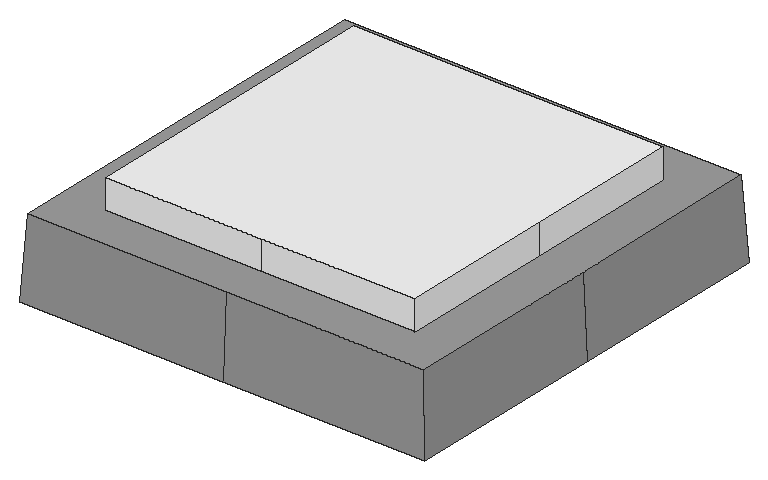
Revit family "33234_HOST_FACE", category Lighting Fixtures, host Face, Revit 2012
Parameters (values of type "Ceiling and Wall Luminiaires")
  Wattage = 9.42495 W
  built-in parameter 1150110 = 1 (stored number, unit not read)
  URL = "www.bega-us.com"
  built-in parameter 1114217 = 1 (stored number, unit not read)
  Tilt Angle = 90.00°
  built-in parameter 1150109 = 1 (stored number, unit not read)
  built-in parameter 1150134 = (empty or 0)
  Telephone = "805.684.0533"
  built-in parameter 1150113 = 1 (stored number, unit not read)
  Photometric Web File = "33234.IES"
  Notes = "IES FILE NOT"
  Model = "33234"
  Manufacturer = "BEGA-US"
  built-in parameter 1150105 = 111.41 (stored number, unit not read)
  Lumens = 1400 lm
  built-in parameter 1150115 = 1 (stored number, unit not read)
  built-in parameter 1150137 = (empty or 0)
  built-in parameter 1150139 = (empty or 0)
  built-in parameter 1150112 = 1 (stored number, unit not read)
  built-in parameter 1150114 = 1 (stored number, unit not read)
  Lamp = "40W LED Module"
  built-in parameter 1150132 = 2
  built-in parameter 1150102 = (empty or 0)
  built-in parameter 1150107 = 3000 (stored number, unit not read)
  built-in parameter 1150138 = (empty or 0)
  built-in parameter 1150106 = 1.1141 (stored number, unit not read)
  built-in parameter 1150104 = 13.8 (stored number, unit not read)
  Dimming Lamp Color Temperature Shift = <None>
  Description = "Ceiling and wall luminaires - LED"
  Default Elevation = 0' - 0"
  Color Filter = 16777215
  built-in parameter 1114218 = 1 (stored number, unit not read)
  built-in parameter 1150133 = 10 (stored number, unit not read)
Reference planes (in)
  plane 1 "Center (Front/Back)": y = 0
  plane 2: z = 0
  plane 3 "Center (Left/Right)": x = 0
Dimensions and locks (in)
  aligned and locked: plane 2 to host face
  aligned and locked: level to host face
Nested families (in)
  nested 1: "3232LED" at (0, 0, 0), type "3232LED"
Connectors (in)
  electrical at (0, 0, 0)
    settings: on host face, index 1, voltage 0 V, apparent load 0 VA, apparent load phase1 0 VA, apparent load phase2 0 VA, apparent load phase3 0 VA, power factor 1, load classification "Other", number of poles 1, system type 31, power factor state 1, is connector primary yes, connector utility no, sub classification motor no, connector description ""
Definition of nested family "3232LED"
  Reference planes (in)
    plane 1 "Center (Front/Back)": y = 0
    plane 2: z = 0
    plane 3 "Center (Left/Right)": x = 0
  Forms (in)
    Extrusion 1, solid, material "Default"
      sketch origin (0, 0, 0) x (1, 0, 0) y (0, 1, 0)
        loop
          line (0, 5.3125) -> (-5.3125, 5.3125) -> (-5.3125, 0) -> (-5.3125, -5.3125) -> (0, -5.3125) -> (5.3125, -5.3125) -> (5.3125, 0) -> (5.3125, 5.3125) -> (0, 5.3125)
      from 0 to 0.375
    Blend 2, solid, material "Default"
      base sketch origin (0, 0, 0) x (1, 0, 0) y (0, 1, 0)
        loop
          line (0, 6.125) -> (-6.125, 6.125) -> (-6.125, 0) -> (-6.125, -6.125) -> (0, -6.125) -> (6.125, -6.125) -> (6.125, 0) -> (6.125, 6.125) -> (0, 6.125)
      top sketch origin (0, 0, 0) x (1, 0, 0) y (0, 1, 0)
        loop
          line (0, 6) -> (-6, 6) -> (-6, 0) -> (-6, -6) -> (0, -6) -> (6, -6) -> (6, 0) -> (6, 6) -> (0, 6)
      from 0.375 to 2.75
    Blend 3, void
      base sketch origin (0, 0, 0) x (1, 0, 0) y (0, 1, 0)
        loop
          line (-6, 6) -> (-6, -6) -> (6, -6) -> (6, 6) -> (-6, 6)
      top sketch origin (0, 0, 0) x (1, 0, 0) y (0, 1, 0)
        loop
          line (-5.875, -5.875) -> (5.875, -5.875) -> (5.875, 5.875) -> (-5.875, 5.875) -> (-5.875, -5.875)
      from 0.5 to 2.625
    Extrusion 4, solid, material "3-ply opal glass/white glass"
      sketch origin (0, 0, 0) x (1, 0, 0) y (0, 1, 0)
        loop
          line (0, 4.6875) -> (-4.6875, 4.6875) -> (-4.6875, 0) -> (-4.6875, -4.6875) -> (0, -4.6875) -> (4.6875, -4.6875) -> (4.6875, 0) -> (4.6875, 4.6875) -> (0, 4.6875)
      from 3.625 to 2.625
    Extrusion 5, void
      sketch origin (0, 0, 0) x (1, 0, 0) y (0, 1, 0)
        loop
          line (4.5625, 4.5625) -> (-4.5625, 4.5625) -> (-4.5625, -4.5625) -> (4.5625, -4.5625) -> (4.5625, 4.5625)
      from 3.375 to 2.5
  Cuts and joins
    Blend 3 cuts Extrusion 1
    Blend 3, Extrusion 5 cuts Blend 2
    Extrusion 5 cuts Extrusion 4
  Dimensions and locks (in)
    aligned and locked: plane 2 to level
